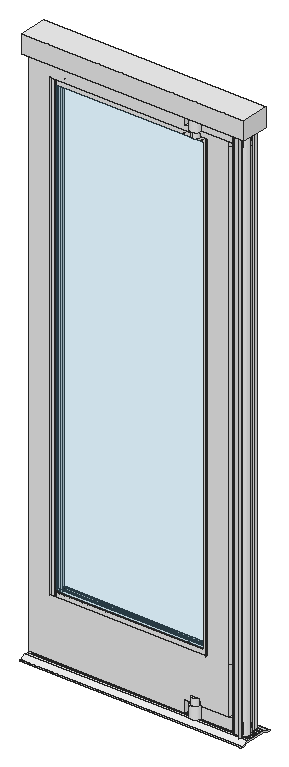
Revit family "Curtain_Door-Single-CRL-Balancer_Series-Aluminum-Full_Frame", category Doors, Revit 2015 (continued)
Definition of nested family "Detail_Item-CRL-Balancer_Doors_Series-Section"
  Dimensions and locks (in)
    aligned and locked: curve 4 to plane 1 "Center (Front/Back)"
    aligned and locked: plane 10 to curve 3
    aligned and locked: plane 1 "Center (Front/Back)" to Masking region 1 sketch curve
    aligned and locked: nested 1 to curve 2
    aligned and locked: Masking region 2 to plane 12
    aligned and locked: Masking region 3 sketch curve to plane 10
    aligned and locked: Masking region 3 sketch curve to plane 1 "Center (Front/Back)"
    aligned and locked: Masking region 3 sketch curve to plane 7
    aligned and locked: Masking region 3 sketch curve to plane 4
    aligned and locked: plane 13 to Masking region 3 sketch curve
    aligned and locked: Masking region 3 sketch curve to plane 12
    aligned and locked: Masking region 3 sketch curve to Masking region 3 sketch curve  (x4)
    aligned and locked: Masking region 3 sketch curve to plane 6 "Right"
    aligned and locked: Masking region 3 sketch curve to plane 5  (x2)
    aligned and locked: plane 12 to Masking region 3 sketch curve
    aligned and locked: Masking region 3 sketch curve to plane 13
    aligned and locked: plane 1 "Center (Front/Back)" to Masking region 3 sketch curve
    aligned and locked: plane 10 to Masking region 3 sketch curve
    aligned and locked: curve 1 to Masking region 3
    aligned and locked: curve 5 to Masking region 3
    aligned and locked: nested 1 to plane 11
    aligned and locked: plane 13 to Masking region 2 sketch curve  (x2)
  Automatic sketch dimensions
    Masking region 2 sketch curve to plane 5 = 0' - 0"
    plane 1 "Center (Front/Back)" to Masking region 1 sketch curve = 0' - 0"
    Masking region 3 sketch curve to plane 4 = 0' - 0"
    plane 8 to Masking region 3 sketch curve = 0' - 0.0945"
    plane 10 to Masking region 3 sketch curve = 0' - 0.07356"
    Masking region 3 sketch curve to plane 1 "Center (Front/Back)" = 0' - 0.07129"
    Masking region 3 sketch curve to Masking region 3 sketch curve = 0' - 0.1555"
    plane 4 to curve 5 = 0' - 0.00014"
    plane 4 to curve 1 = 0' - 0.00014"
    plane 8 to curve 4 = 0' - 0 1/4"
    plane 8 to curve 3 = 0' - 0 1/4"
    curve 5 to plane 5 = 0' - 0.00014"
    curve 1 to plane 5 = 0' - 0.00014"
    curve 3 to plane 9 = 0' - 0 1/4"
    curve 4 to plane 9 = 0' - 0 1/4"
    plane 12 to Masking region 2 sketch curve = 0' - 0"  (x2)
  Nested families (in)
    nested 1: "Detail_Item-CRL-Balancer_Series-T-Panel-Glass" at (3.37493, 0.9375, 0), type "Glass-Standard", in view "Ref. Level"
      with Width 2' - 11.75074"
  Definition of nested family "Detail_Item-CRL-Balancer_Series-T-Panel-Glass"
    Parameters
      Width [instance] = 3' - 0"
      Thickness = 0' - 1"
    Reference planes (in)
      plane 1 "Center (Front/Back)": y = 0
      plane 2: z = 0
      plane 3 "Center (Left/Right)": x = 0
      plane 4: x = -17.49999
      plane 5: x = 17.49999
      plane 6: x = -18
      plane 7: x = 18
    Lines and regions (in)
      model lines, in view "Ref. Level", detail levels medium+fine
        curve 1: line (18, 0.5, 0) -> (-18, 0.5, 0)
      detail lines, in view "Ref. Level", detail levels fine
        curve 2: line (18, 0.24999, 0) -> (-18, 0.24999, 0)
        curve 4: line (18, -0.24999, 0) -> (-18, -0.24999, 0)
      detail lines, in view "Ref. Level", detail levels medium+fine
        curve 3: line (18, -0.5, 0) -> (-18, -0.5, 0)
        curve 5: line (18, -0.5, 0) -> (18, 0.5, 0)
        curve 6: line (-18, -0.5, 0) -> (-18, 0.5, 0)
    Dimensions and locks (in)
      locked: plane 6 to plane 4 at 0.50001
      locked: plane 5 to plane 7 at 0.50001
      "Thickness": curve 1 to curve 3
      locked: curve 4 to curve 3 at 0.25001
      locked: curve 1 to curve 2 at 0.25001
      equal spacing: curve 3, plane 1 "Center (Front/Back)", curve 1
      "Width": plane 6 to plane 7
      equal spacing: plane 6, plane 3 "Center (Left/Right)", plane 7
      aligned and locked: curve 5 to curve 1
    Automatic sketch dimensions
      curve 6 to plane 6 = 0' - 0"
      curve 1 to plane 6 = 0' - 0"
      curve 2 to plane 7 = 0' - 0"
      curve 1 to plane 7 = 0' - 0"
      curve 6 to curve 1 = 0' - 0"
Definition of nested family "Detail_Item-CRL-Balancer_Doors_Series-Out_Swing-Plan"
  Parameters
    Y Arm Length = 1' - 0 1/2"
    Width [instance] = 3' - 0"
    Thickness = 0' - 1 3/4"  # constant formula
    Stile Width = 0' - 2 9/16"
    Hinge Stile Width = 0' - 2 5/8"
    Analytic Construction = "<None>"
  Reference planes (in)
    plane 1 "Center (Front/Back)": y = 0
    plane 2: z = 0
    plane 3 "Center (Left/Right)": x = 0
    plane 4: x = -18
    plane 5: x = 18
    plane 6: y = 36
    plane 7: x = 16.125
    plane 8: y = 12.5
  Lines and regions (in)
    symbolic lines, detail levels coarse
      curve 1: line (18, 36, 0) -> (18, 0, 0)
    symbolic lines
      curve 2: arc (-18, 12.5, 0) -> (-3.89306, 30.21383, 0) -> (18, 36, 0) r 36
  Dimensions and locks (in)
    equal spacing: plane 4, plane 3 "Center (Left/Right)", plane 5
    "Width": plane 4 to plane 5
    "Width": plane 1 "Center (Front/Back)" to plane 6
    locked: plane 7 to plane 5 at 1.875
    "Y Arm Length": plane 1 "Center (Front/Back)" to plane 8
    "Width": radius of curve 2
    aligned and locked: plane 2 to level
    aligned and locked: plane 1 "Center (Front/Back)" to nested 1
    aligned and locked: nested 1 to plane 6
    aligned and locked: nested 1 to plane 5
    aligned and locked: plane 8 to curve 2
    aligned and locked: plane 4 to curve 2
    aligned and locked: plane 5 to curve 2
    aligned and locked: plane 6 to curve 2
  Automatic sketch dimensions
    plane 1 "Center (Front/Back)" to curve 1 = 0' - 0"
  Nested families (in)
    nested 1: "Detail_Item-CRL-Balancer_Doors_Series-Plan_Symbol" at (18, 18, 0) x (0, 1, 0) z (0, 0, 1), type "Standard"
      with Width 3' - 0"
  Definition of nested family "Detail_Item-CRL-Balancer_Doors_Series-Plan_Symbol"
    Parameters
      Width [instance] = 3' - 0"
      Stile Width = 0' - 2 9/16"
      Hinge Stile Width = 0' - 2 5/8"
      Glass Thickness = 0' - 1"
    Reference planes (in)
      plane 1 "Center (Front/Back)": y = 0
      plane 2: z = 0
      plane 3 "Center (Left/Right)": x = 0
      plane 4: x = -15.375
      plane 5: x = 15.4375
      plane 6 "Right": x = 18
      plane 7: x = -18
      plane 8: x = -15.875
      plane 9: x = 15.9375
      plane 10: y = 1.875
      plane 11: x = -16.125
      plane 12: x = 16.1875
    Lines and regions (in)
      Masking region 1, in view "Ref. Level", detail levels medium
        outline origin (0, 0, 0) x (1, 0, 0) y (0, 1, 0)
          loop
            line (-18, 1.875) -> (-18, 0) -> (-15.375, 0) -> (-15.375, 0.4375) -> (-15.875, 0.4375) -> (-15.875, 1.4375) -> (-15.375, 1.4375) -> (-15.375, 1.875) -> (-18, 1.875)
          loop
            line (15.4375, 0) -> (17.92408, 0) -> (17.92408, 1.875) -> (15.4375, 1.875) -> (15.4375, 1.4375) -> (15.9375, 1.4375) -> (15.9375, 0.4375) -> (15.4375, 0.4375) -> (15.4375, 0)
      Masking region 2, in view "Ref. Level", detail levels fine
        outline origin (-1.37456, 0, 0) x (1, 0, 0) y (0, 1, 0)
          loop
            line (-14.75044, 1.875) -> (-16.34675, 1.875)
            arc (-16.34675, 1.875) -> (-16.50044, 0.9375) -> (-16.34675, 0) r 2.93611
            line (-16.34675, 0) -> (-14.75044, 0) -> (-14.75044, 0.07129) -> (-14.00044, 0.07129) -> (-14.00044, 0.4375) -> (-14.28844, 0.4375) -> (-14.28844, 0.12629) -> (-14.59494, 0.12629) -> (-14.85445, 0.38579) -> (-14.85445, 1.48693) -> (-14.59494, 1.74644) -> (-14.28844, 1.74644) -> (-14.28844, 1.4375) -> (-14.00044, 1.4375) -> (-14.00044, 1.80144) -> (-14.75044, 1.80144) -> (-14.75044, 1.875)
          loop
            line (17.56206, 1.875) -> (17.56206, 1.80144) -> (16.81206, 1.80144) -> (16.81206, 1.4375) -> (17.10006, 1.4375) -> (17.10006, 1.74644) -> (17.40656, 1.74644) -> (17.66606, 1.48693) -> (17.66606, 0.38579) -> (17.40656, 0.12629) -> (17.10006, 0.12629) -> (17.10006, 0.4375) -> (16.81206, 0.4375) -> (16.81206, 0.07129) -> (17.56206, 0.07129) -> (17.56206, 0) -> (19.13478, 0)
            arc (19.13478, 0) -> (19.31206, 0.9375) -> (19.13478, 1.875) r 2.56758
            line (19.13478, 1.875) -> (17.56206, 1.875)
      detail lines, in view "Ref. Level", detail levels fine
        curve 1: line (15.43764, 1.80144, 0) -> (-15.37514, 1.80144, 0)
        curve 2: line (15.4375, 0.07129, 0) -> (-15.37528, 0.07129, 0)
      detail lines, in view "Ref. Level", detail levels coarse
        curve 3: line (18, 0, 0) -> (-18, 0, 0)
    Dimensions and locks (in)
      equal spacing: plane 7, plane 3 "Center (Left/Right)", plane 6 "Right"
      "Width": plane 7 to plane 6 "Right"
      "Stile Width": plane 5 to plane 6 "Right"
      "Hinge Stile Width": plane 7 to plane 4
      locked: plane 8 to plane 4 at 0.5
      plane 5 to plane 9 = 0' - 0 1/2"
      locked: plane 1 "Center (Front/Back)" to plane 10 at 1.875
      equal spacing: plane 1 "Center (Front/Back)", nested 1, plane 10
      locked: Masking region 1 sketch curve to plane 6 "Right" at 0.07592
      locked: plane 11 to plane 4 at 0.75
      Masking region 2 sketch curve to Masking region 2 sketch curve to Masking region 2 sketch curve to plane 10 = 0' - 0.2595" locked, 0' - 0.055" locked, 0' - 0.07356" locked  (x2)
      plane 1 "Center (Front/Back)" to Masking region 2 sketch curve to Masking region 2 sketch curve to Masking region 2 sketch curve = 0' - 0.07129" locked, 0' - 0.055" locked, 0' - 0.2595" locked  (x2)
      Masking region 2 sketch curve to Masking region 2 sketch curve to Masking region 2 sketch curve to Masking region 2 sketch curve to plane 4 = 0' - 0.104" locked, 0' - 0.1555" locked, 0' - 0.3065" locked, 0' - 0.288" locked
      Masking region 2 sketch curve to Masking region 2 sketch curve to Masking region 2 sketch curve to Masking region 2 sketch curve to plane 5 = 0' - 0.104" locked, 0' - 0.1555" locked, 0' - 0.3065" locked, 0' - 0.288" locked
      locked: plane 7 to Masking region 2 sketch curve at 0.125
      equal spacing: Masking region 2 sketch curve, nested 1, Masking region 2 sketch curve
      "Glass Thickness": Masking region 2 sketch curve to Masking region 2 sketch curve
      locked: Masking region 2 sketch curve to plane 6 "Right" at 0.0625
      locked: plane 5 to plane 12 at 0.75
      radius of Masking region 2 sketch curve = 0' - 2.56758"
      radius of Masking region 2 sketch curve = 0' - 2.93611"
      aligned and locked: plane 5 to curve 2
      aligned and locked: Masking region 1 sketch curve to plane 10
      aligned and locked: plane 1 "Center (Front/Back)" to Masking region 1 sketch curve
      aligned and locked: plane 5 to Masking region 1 sketch curve
      aligned and locked: plane 4 to Masking region 1 sketch curve  (x2)
      aligned and locked: Masking region 1 sketch curve to plane 1 "Center (Front/Back)"
      aligned and locked: Masking region 1 sketch curve to plane 7
      aligned and locked: plane 10 to Masking region 1 sketch curve
      aligned and locked: Masking region 1 sketch curve to plane 9
      aligned and locked: curve 3 to plane 1 "Center (Front/Back)"
      aligned and locked: plane 7 to curve 3
      aligned and locked: plane 6 "Right" to curve 3
      aligned and locked: plane 8 to nested 1
      aligned and locked: plane 9 to nested 1
      aligned and locked: nested 1 to Masking region 1 sketch curve  (x2)
      aligned and locked: Masking region 1 sketch curve to nested 1  (x2)
      aligned and locked: Masking region 2 sketch curve to Masking region 2 sketch curve  (x4)
      aligned and locked: plane 1 "Center (Front/Back)" to Masking region 2 sketch curve
      aligned and locked: plane 10 to Masking region 2 sketch curve
      aligned and locked: Masking region 2 sketch curve to plane 5  (x2)
      aligned and locked: Masking region 2 to curve 1
      aligned and locked: curve 2 to Masking region 2
      aligned and locked: nested 1 to Masking region 2 sketch curve  (x2)
    Automatic sketch dimensions
      plane 4 to curve 1 = 0' - 0.00014"
      plane 4 to curve 2 = 0' - 0.00028"
      curve 1 to plane 5 = 0' - 0.00014"
      Masking region 1 sketch curve to plane 8 = 0' - 0"
      Masking region 1 sketch curve to plane 5 = 0' - 0"
      plane 10 to Masking region 2 sketch curve = 0' - 0"
      plane 1 "Center (Front/Back)" to Masking region 2 sketch curve = 0' - 0"
      Masking region 2 sketch curve to plane 4 = 0' - 0"  (x2)
      plane 8 to Masking region 2 sketch curve = 0' - 0.0945"
      Masking region 2 sketch curve to plane 9 = 0' - 0.0945"
      Masking region 2 sketch curve to Masking region 2 sketch curve = 0' - 0.31121"
      Masking region 2 sketch curve to Masking region 2 sketch curve = 0' - 0.30894"
    Nested families (in)
      nested 1: "Detail_Item-CRL-Series(650-750)-T-Panel-Glass" at (0.03125, 0.9375, 0), type "Glass-Standard", in view "Ref. Level"
        with Width 2' - 7 13/16"
    Definition of nested family "Detail_Item-CRL-Series(650-750)-T-Panel-Glass"
      Parameters
        Width [instance] = 3' - 0"
        Thickness = 0' - 1"
      Reference planes (in)
        plane 1 "Center (Front/Back)": y = 0
        plane 2: z = 0
        plane 3 "Center (Left/Right)": x = 0
        plane 4: x = -17.49999
        plane 5: x = 17.49999
        plane 6: x = -18
        plane 7: x = 18
      Lines and regions (in)
        model lines, in view "Ref. Level", detail levels medium+fine
          curve 1: line (18, 0.5, 0) -> (-18, 0.5, 0)
        detail lines, in view "Ref. Level", detail levels fine
          curve 2: line (18, 0.24999, 0) -> (-18, 0.24999, 0)
          curve 4: line (18, -0.24999, 0) -> (-18, -0.24999, 0)
        detail lines, in view "Ref. Level", detail levels medium+fine
          curve 3: line (18, -0.5, 0) -> (-18, -0.5, 0)
          curve 5: line (18, -0.5, 0) -> (18, 0.5, 0)
          curve 6: line (-18, -0.5, 0) -> (-18, 0.5, 0)
      Dimensions and locks (in)
        locked: plane 6 to plane 4 at 0.50001
        locked: plane 5 to plane 7 at 0.50001
        "Thickness": curve 1 to curve 3
        locked: curve 4 to curve 3 at 0.25001
        locked: curve 1 to curve 2 at 0.25001
        equal spacing: curve 3, plane 1 "Center (Front/Back)", curve 1
        "Width": plane 6 to plane 7
        equal spacing: plane 6, plane 3 "Center (Left/Right)", plane 7
        aligned and locked: curve 5 to curve 1
      Automatic sketch dimensions
        curve 6 to plane 6 = 0' - 0"
        curve 1 to plane 6 = 0' - 0"
        curve 2 to plane 7 = 0' - 0"
        curve 1 to plane 7 = 0' - 0"
        curve 6 to curve 1 = 0' - 0"
